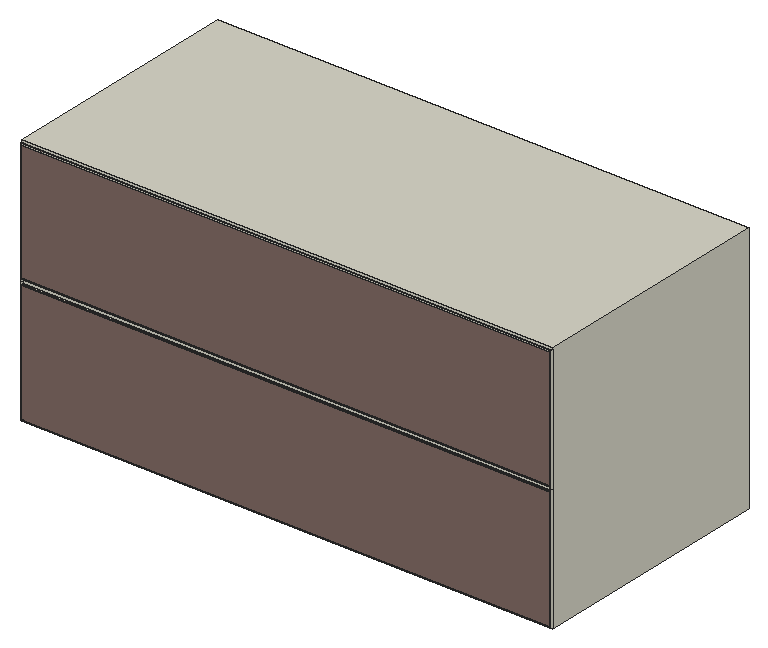
Revit family "vanity unit-hansgrohe-54194XXX-Xevolos E Vanity unit Sand Matt Beige 1180_550 with 2 drawers for consoles with countertop basin ground", category Furniture, Revit 2019
Family settings
  OmniClass Number = 23.40.00.00
  OmniClass Title = Equipment and Furnishings
  Work Plane-Based = No
  Always vertical = Yes
  Cut with Voids When Loaded = No
  Shared = Yes
  Room Calculation Point = No
Parameters (values of type "54194730-SAND_MATT_BEIGE-DARK_OAK-200")
  etim7_EC011381 = "EC011381"
  WEIGHT = "58.6"
  UNSPSC = "56 | Furniture and Furnishings"
  UNIFORMATII = "E2010 | Fixed Furnishings"
  UNICLASS_2015_CODE = "40_30_78_05"
  UNICLASS2015 = "Pr_40_30_78_05 | Bathroom furniture"
  SURFACE = "DARK_OAK"
  REGION = "Worldwide"
  PRODUCTURL = "https://pro.hansgrohe.com/articledetail--54194790"
  PERMALINK = "54194XXX"
  OMNICLASS = "23-21 19 15 33 13 | Residential Bathroom Specialty Casework"
  OBJECTTYPE = "Object (single object)"
  OBERFLAECHE = "SAND_MATT_BEIGE"
  NN = "Vanity unit with 2 drawers for consoles with countertop basin ground"
  NBSYN = "$ARTNR.-$OBERFLAECHE.-$SURFACE.-$LODLEVEL."
  NB = "54194730-SAND_MATT_BEIGE-DARK_OAK-200"
  NAME = "Xevolos E Vanity unit Sand Matt Beige 1180/550 with 2 drawers for consoles with countertop basin ground"
  Model = "54194730-SAND_MATT_BEIGE-DARK_OAK-200"
  Manufacturer = "Hansgrohe"
  MIdent = "{$CADENAS_DATA/23d-libs/hansgrohe/xevolos_furniture/e_vanity_unit_2_drawers_console_countertop_basin/vanity_unit_2drawers_consoles_countertop_basin.prj},285 {VTYP=3D},{NB=54194730-SAND_MATT_BEIGE-DARK_OAK-200},{LINA=54194730-SAND_MATT_BEIGE-DARK_OAK-200},{NN=Vanity unit with 2 drawers for consoles with countertop basin ground},{DATE=13.03.2023 11:45:48},{GEOMDATE=12.03.2023 06:32:00},{VERSION=},{LINEID=720},{WBVAR=LODLEVEL},{WBNUMERIC=}  {NB=54194730-SAND_MATT_BEIGE-DARK_OAK-200},{LINA=54194730-SAND_MATT_BEIGE-DARK_OAK-200},{KT=DUMMY},{IDNR=23},{ARTNR=54194730},{BASENUMBER=54194},{MODEL=54194XXX},{OBERFLAECHE=SAND_MATT_BEIGE},{SURFACE=DARK_OAK},{L=1180},{LODLEVEL=200},{LODLEVELX='400','400','200','200'},{NAME=Xevolos E Vanity unit Sand Matt Beige 1180/550 with 2 drawers for consoles with countertop basin ground},{PERMALINK=54194XXX},{OBJECTTYPE=Object (single object)},{BIMOBJECT=Sanitary: Compound units},{COLLECTIONSET=Xevolos E},{COLLECTION=vanity unit},{WEIGHT=58.6},{DESCRIPTION=Xevolos E Vanity unit Sand Matt Beige 1180/550 with 2 drawers for consoles with countertop basin ground},{PRODUCTURL=https://pro.hansgrohe.com/articledetail--54194790},{GTINCODE=0},{TENDERURL=0},{IFC=Furnishing element},{ETIM=EC011381 | Bathroom furniture set},{UNICLASS2015=Pr_40_30_78_05 | Bathroom furniture},{OMNICLASS=23-21 19 15 33 13 | Residential Bathroom Specialty Casework},{MASTERFORMAT=12 35 30.23 | Bathroom Casework},{UNSPSC=56 | Furniture and Furnishings},{UNIFORMATII=E2010 | Fixed Furnishings},{REGION=Worldwide},{DESIGN=Germany},{MANUFACTURER=Germany}"
  MASTERFORMAT = "12 35 30.23 | Bathroom Casework"
  LODLEVEL = "200"
  LINA = "54194730-SAND_MATT_BEIGE-DARK_OAK-200"
  L = 1180
  IFC = "Furnishing element"
  IDNR = 23
  ETIM = "EC011381 | Bathroom furniture set"
  DESIGN = "Germany"
  COLLECTIONSET = "Xevolos E"
  COLLECTION = "vanity unit"
  CATALOG = "Hansgrohe"
  BIMOBJECT = "Sanitary: Compound units"
  BASENUMBER = "54194"
  ARTNR = "54194730"
  54194790-SAND_MATT_BEIGE-METALLIC_SAND_BEIGE-400_RX0RY0RZ0TX0TY0TZ0_V = no
  54194790-SAND_MATT_BEIGE-METALLIC_SAND_BEIGE-200_RX0RY0RZ0TX0TY0TZ0_V = no
  54194730-SAND_MATT_BEIGE-DARK_OAK-400_RX0RY0RZ0TX0TY0TZ0_V = no
  54194730-SAND_MATT_BEIGE-DARK_OAK-200_RX0RY0RZ0TX0TY0TZ0_V = yes
  54194390-SAND_MATT_BEIGE-PATTEREND_BRONZE-400_RX0RY0RZ0TX0TY0TZ0_V = no
  54194390-SAND_MATT_BEIGE-PATTEREND_BRONZE-200_RX0RY0RZ0TX0TY0TZ0_V = no
Types (6, lengths in mm): name | SURFACE | NB | Model | MIdent | LODLEVEL | LINA | IDNR | ARTNR | 54194790-SAND_MATT_BEIGE-METALLIC_SAND_BEIGE-400_RX0RY0RZ0TX0TY0TZ0_V | 54194790-SAND_MATT_BEIGE-METALLIC_SAND_BEIGE-200_RX0RY0RZ0TX0TY0TZ0_V | 54194730-SAND_MATT_BEIGE-DARK_OAK-400_RX0RY0RZ0TX0TY0TZ0_V | 54194730-SAND_MATT_BEIGE-DARK_OAK-200_RX0RY0RZ0TX0TY0TZ0_V | 54194390-SAND_MATT_BEIGE-PATTEREND_BRONZE-400_RX0RY0RZ0TX0TY0TZ0_V | 54194390-SAND_MATT_BEIGE-PATTEREND_BRONZE-200_RX0RY0RZ0TX0TY0TZ0_V
  54194390-SAND_MATT_BEIGE-PATTEREND_BRONZE-200 | "PATTEREND_BRONZE" | "54194390-SAND_MATT_BEIGE-PATTEREND_BRONZE-200" | "54194390-SAND_MATT_BEIGE-PATTEREND_BRONZE-200" | "{$CADENAS_DATA/23d-libs/hansgrohe/xevolos_furniture/e_vanity_unit_2_drawers_console_countertop_basin/vanity_unit_2drawers_consoles_countertop_basin.prj},301 {VTYP=3D},{NB=54194390-SAND_MATT_BEIGE-PATTEREND_BRONZE-200},{LINA=54194390-SAND_MATT_BEIGE-PATTEREND_BRONZE-200},{NN=Vanity unit with 2 drawers for consoles with countertop basin ground},{DATE=13.03.2023 11:45:48},{GEOMDATE=12.03.2023 06:32:00},{VERSION=},{LINEID=710},{WBVAR=LODLEVEL},{WBNUMERIC=}  {NB=54194390-SAND_MATT_BEIGE-PATTEREND_BRONZE-200},{LINA=54194390-SAND_MATT_BEIGE-PATTEREND_BRONZE-200},{KT=DUMMY},{IDNR=22},{ARTNR=54194390},{BASENUMBER=54194},{MODEL=54194XXX},{OBERFLAECHE=SAND_MATT_BEIGE},{SURFACE=PATTEREND_BRONZE},{L=1180},{LODLEVEL=200},{LODLEVELX='400','400','200','200'},{NAME=Xevolos E Vanity unit Sand Matt Beige 1180/550 with 2 drawers for consoles with countertop basin ground},{PERMALINK=54194XXX},{OBJECTTYPE=Object (single object)},{BIMOBJECT=Sanitary: Compound units},{COLLECTIONSET=Xevolos E},{COLLECTION=vanity unit},{WEIGHT=58.6},{DESCRIPTION=Xevolos E Vanity unit Sand Matt Beige 1180/550 with 2 drawers for consoles with countertop basin ground},{PRODUCTURL=https://pro.hansgrohe.com/articledetail--54194790},{GTINCODE=0},{TENDERURL=0},{IFC=Furnishing element},{ETIM=EC011381 | Bathroom furniture set},{UNICLASS2015=Pr_40_30_78_05 | Bathroom furniture},{OMNICLASS=23-21 19 15 33 13 | Residential Bathroom Specialty Casework},{MASTERFORMAT=12 35 30.23 | Bathroom Casework},{UNSPSC=56 | Furniture and Furnishings},{UNIFORMATII=E2010 | Fixed Furnishings},{REGION=Worldwide},{DESIGN=Germany},{MANUFACTURER=Germany}" | "200" | "54194390-SAND_MATT_BEIGE-PATTEREND_BRONZE-200" | 22 | "54194390" | no | no | no | no | no | yes
  54194390-SAND_MATT_BEIGE-PATTEREND_BRONZE-400 | "PATTEREND_BRONZE" | "54194390-SAND_MATT_BEIGE-PATTEREND_BRONZE-400" | "54194390-SAND_MATT_BEIGE-PATTEREND_BRONZE-400" | "{$CADENAS_DATA/23d-libs/hansgrohe/xevolos_furniture/e_vanity_unit_2_drawers_console_countertop_basin/vanity_unit_2drawers_consoles_countertop_basin.prj},301 {VTYP=3D},{NB=54194390-SAND_MATT_BEIGE-PATTEREND_BRONZE-400},{LINA=54194390-SAND_MATT_BEIGE-PATTEREND_BRONZE-400},{NN=Vanity unit with 2 drawers for consoles with countertop basin ground},{DATE=13.03.2023 11:45:48},{GEOMDATE=12.03.2023 06:32:00},{VERSION=},{LINEID=710},{WBVAR=LODLEVEL},{WBNUMERIC=}  {NB=54194390-SAND_MATT_BEIGE-PATTEREND_BRONZE-400},{LINA=54194390-SAND_MATT_BEIGE-PATTEREND_BRONZE-400},{KT=DUMMY},{IDNR=22},{ARTNR=54194390},{BASENUMBER=54194},{MODEL=54194XXX},{OBERFLAECHE=SAND_MATT_BEIGE},{SURFACE=PATTEREND_BRONZE},{L=1180},{LODLEVEL=400},{LODLEVELX='400','400','200','200'},{NAME=Xevolos E Vanity unit Sand Matt Beige 1180/550 with 2 drawers for consoles with countertop basin ground},{PERMALINK=54194XXX},{OBJECTTYPE=Object (single object)},{BIMOBJECT=Sanitary: Compound units},{COLLECTIONSET=Xevolos E},{COLLECTION=vanity unit},{WEIGHT=58.6},{DESCRIPTION=Xevolos E Vanity unit Sand Matt Beige 1180/550 with 2 drawers for consoles with countertop basin ground},{PRODUCTURL=https://pro.hansgrohe.com/articledetail--54194790},{GTINCODE=0},{TENDERURL=0},{IFC=Furnishing element},{ETIM=EC011381 | Bathroom furniture set},{UNICLASS2015=Pr_40_30_78_05 | Bathroom furniture},{OMNICLASS=23-21 19 15 33 13 | Residential Bathroom Specialty Casework},{MASTERFORMAT=12 35 30.23 | Bathroom Casework},{UNSPSC=56 | Furniture and Furnishings},{UNIFORMATII=E2010 | Fixed Furnishings},{REGION=Worldwide},{DESIGN=Germany},{MANUFACTURER=Germany}" | "400" | "54194390-SAND_MATT_BEIGE-PATTEREND_BRONZE-400" | 22 | "54194390" | no | no | no | no | yes | no
  54194730-SAND_MATT_BEIGE-DARK_OAK-200 | "DARK_OAK" | "54194730-SAND_MATT_BEIGE-DARK_OAK-200" | "54194730-SAND_MATT_BEIGE-DARK_OAK-200" | "{$CADENAS_DATA/23d-libs/hansgrohe/xevolos_furniture/e_vanity_unit_2_drawers_console_countertop_basin/vanity_unit_2drawers_consoles_countertop_basin.prj},285 {VTYP=3D},{NB=54194730-SAND_MATT_BEIGE-DARK_OAK-200},{LINA=54194730-SAND_MATT_BEIGE-DARK_OAK-200},{NN=Vanity unit with 2 drawers for consoles with countertop basin ground},{DATE=13.03.2023 11:45:48},{GEOMDATE=12.03.2023 06:32:00},{VERSION=},{LINEID=720},{WBVAR=LODLEVEL},{WBNUMERIC=}  {NB=54194730-SAND_MATT_BEIGE-DARK_OAK-200},{LINA=54194730-SAND_MATT_BEIGE-DARK_OAK-200},{KT=DUMMY},{IDNR=23},{ARTNR=54194730},{BASENUMBER=54194},{MODEL=54194XXX},{OBERFLAECHE=SAND_MATT_BEIGE},{SURFACE=DARK_OAK},{L=1180},{LODLEVEL=200},{LODLEVELX='400','400','200','200'},{NAME=Xevolos E Vanity unit Sand Matt Beige 1180/550 with 2 drawers for consoles with countertop basin ground},{PERMALINK=54194XXX},{OBJECTTYPE=Object (single object)},{BIMOBJECT=Sanitary: Compound units},{COLLECTIONSET=Xevolos E},{COLLECTION=vanity unit},{WEIGHT=58.6},{DESCRIPTION=Xevolos E Vanity unit Sand Matt Beige 1180/550 with 2 drawers for consoles with countertop basin ground},{PRODUCTURL=https://pro.hansgrohe.com/articledetail--54194790},{GTINCODE=0},{TENDERURL=0},{IFC=Furnishing element},{ETIM=EC011381 | Bathroom furniture set},{UNICLASS2015=Pr_40_30_78_05 | Bathroom furniture},{OMNICLASS=23-21 19 15 33 13 | Residential Bathroom Specialty Casework},{MASTERFORMAT=12 35 30.23 | Bathroom Casework},{UNSPSC=56 | Furniture and Furnishings},{UNIFORMATII=E2010 | Fixed Furnishings},{REGION=Worldwide},{DESIGN=Germany},{MANUFACTURER=Germany}" | "200" | "54194730-SAND_MATT_BEIGE-DARK_OAK-200" | 23 | "54194730" | no | no | no | yes | no | no
  54194730-SAND_MATT_BEIGE-DARK_OAK-400 | "DARK_OAK" | "54194730-SAND_MATT_BEIGE-DARK_OAK-400" | "54194730-SAND_MATT_BEIGE-DARK_OAK-400" | "{$CADENAS_DATA/23d-libs/hansgrohe/xevolos_furniture/e_vanity_unit_2_drawers_console_countertop_basin/vanity_unit_2drawers_consoles_countertop_basin.prj},285 {VTYP=3D},{NB=54194730-SAND_MATT_BEIGE-DARK_OAK-400},{LINA=54194730-SAND_MATT_BEIGE-DARK_OAK-400},{NN=Vanity unit with 2 drawers for consoles with countertop basin ground},{DATE=13.03.2023 11:45:48},{GEOMDATE=12.03.2023 06:32:00},{VERSION=},{LINEID=720},{WBVAR=LODLEVEL},{WBNUMERIC=}  {NB=54194730-SAND_MATT_BEIGE-DARK_OAK-400},{LINA=54194730-SAND_MATT_BEIGE-DARK_OAK-400},{KT=DUMMY},{IDNR=23},{ARTNR=54194730},{BASENUMBER=54194},{MODEL=54194XXX},{OBERFLAECHE=SAND_MATT_BEIGE},{SURFACE=DARK_OAK},{L=1180},{LODLEVEL=400},{LODLEVELX='400','400','200','200'},{NAME=Xevolos E Vanity unit Sand Matt Beige 1180/550 with 2 drawers for consoles with countertop basin ground},{PERMALINK=54194XXX},{OBJECTTYPE=Object (single object)},{BIMOBJECT=Sanitary: Compound units},{COLLECTIONSET=Xevolos E},{COLLECTION=vanity unit},{WEIGHT=58.6},{DESCRIPTION=Xevolos E Vanity unit Sand Matt Beige 1180/550 with 2 drawers for consoles with countertop basin ground},{PRODUCTURL=https://pro.hansgrohe.com/articledetail--54194790},{GTINCODE=0},{TENDERURL=0},{IFC=Furnishing element},{ETIM=EC011381 | Bathroom furniture set},{UNICLASS2015=Pr_40_30_78_05 | Bathroom furniture},{OMNICLASS=23-21 19 15 33 13 | Residential Bathroom Specialty Casework},{MASTERFORMAT=12 35 30.23 | Bathroom Casework},{UNSPSC=56 | Furniture and Furnishings},{UNIFORMATII=E2010 | Fixed Furnishings},{REGION=Worldwide},{DESIGN=Germany},{MANUFACTURER=Germany}" | "400" | "54194730-SAND_MATT_BEIGE-DARK_OAK-400" | 23 | "54194730" | no | no | yes | no | no | no
  54194790-SAND_MATT_BEIGE-METALLIC_SAND_BEIGE-200 | "METALLIC_SAND_BEIGE" | "54194790-SAND_MATT_BEIGE-METALLIC_SAND_BEIGE-200" | "54194790-SAND_MATT_BEIGE-METALLIC_SAND_BEIGE-200" | "{$CADENAS_DATA/23d-libs/hansgrohe/xevolos_furniture/e_vanity_unit_2_drawers_console_countertop_basin/vanity_unit_2drawers_consoles_countertop_basin.prj},307 {VTYP=3D},{NB=54194790-SAND_MATT_BEIGE-METALLIC_SAND_BEIGE-200},{LINA=54194790-SAND_MATT_BEIGE-METALLIC_SAND_BEIGE-200},{NN=Vanity unit with 2 drawers for consoles with countertop basin ground},{DATE=13.03.2023 11:45:48},{GEOMDATE=12.03.2023 06:32:00},{VERSION=},{LINEID=730},{WBVAR=LODLEVEL},{WBNUMERIC=}  {NB=54194790-SAND_MATT_BEIGE-METALLIC_SAND_BEIGE-200},{LINA=54194790-SAND_MATT_BEIGE-METALLIC_SAND_BEIGE-200},{KT=DUMMY},{IDNR=24},{ARTNR=54194790},{BASENUMBER=54194},{MODEL=54194XXX},{OBERFLAECHE=SAND_MATT_BEIGE},{SURFACE=METALLIC_SAND_BEIGE},{L=1180},{LODLEVEL=200},{LODLEVELX='400','400','200','200'},{NAME=Xevolos E Vanity unit Sand Matt Beige 1180/550 with 2 drawers for consoles with countertop basin ground},{PERMALINK=54194XXX},{OBJECTTYPE=Object (single object)},{BIMOBJECT=Sanitary: Compound units},{COLLECTIONSET=Xevolos E},{COLLECTION=vanity unit},{WEIGHT=58.6},{DESCRIPTION=Xevolos E Vanity unit Sand Matt Beige 1180/550 with 2 drawers for consoles with countertop basin ground},{PRODUCTURL=https://pro.hansgrohe.com/articledetail--54194790},{GTINCODE=0},{TENDERURL=0},{IFC=Furnishing element},{ETIM=EC011381 | Bathroom furniture set},{UNICLASS2015=Pr_40_30_78_05 | Bathroom furniture},{OMNICLASS=23-21 19 15 33 13 | Residential Bathroom Specialty Casework},{MASTERFORMAT=12 35 30.23 | Bathroom Casework},{UNSPSC=56 | Furniture and Furnishings},{UNIFORMATII=E2010 | Fixed Furnishings},{REGION=Worldwide},{DESIGN=Germany},{MANUFACTURER=Germany}" | "200" | "54194790-SAND_MATT_BEIGE-METALLIC_SAND_BEIGE-200" | 24 | "54194790" | no | yes | no | no | no | no
  54194790-SAND_MATT_BEIGE-METALLIC_SAND_BEIGE-400 | "METALLIC_SAND_BEIGE" | "54194790-SAND_MATT_BEIGE-METALLIC_SAND_BEIGE-400" | "54194790-SAND_MATT_BEIGE-METALLIC_SAND_BEIGE-400" | "{$CADENAS_DATA/23d-libs/hansgrohe/xevolos_furniture/e_vanity_unit_2_drawers_console_countertop_basin/vanity_unit_2drawers_consoles_countertop_basin.prj},307 {VTYP=3D},{NB=54194790-SAND_MATT_BEIGE-METALLIC_SAND_BEIGE-400},{LINA=54194790-SAND_MATT_BEIGE-METALLIC_SAND_BEIGE-400},{NN=Vanity unit with 2 drawers for consoles with countertop basin ground},{DATE=13.03.2023 11:45:48},{GEOMDATE=12.03.2023 06:32:00},{VERSION=},{LINEID=730},{WBVAR=LODLEVEL},{WBNUMERIC=}  {NB=54194790-SAND_MATT_BEIGE-METALLIC_SAND_BEIGE-400},{LINA=54194790-SAND_MATT_BEIGE-METALLIC_SAND_BEIGE-400},{KT=DUMMY},{IDNR=24},{ARTNR=54194790},{BASENUMBER=54194},{MODEL=54194XXX},{OBERFLAECHE=SAND_MATT_BEIGE},{SURFACE=METALLIC_SAND_BEIGE},{L=1180},{LODLEVEL=400},{LODLEVELX='400','400','200','200'},{NAME=Xevolos E Vanity unit Sand Matt Beige 1180/550 with 2 drawers for consoles with countertop basin ground},{PERMALINK=54194XXX},{OBJECTTYPE=Object (single object)},{BIMOBJECT=Sanitary: Compound units},{COLLECTIONSET=Xevolos E},{COLLECTION=vanity unit},{WEIGHT=58.6},{DESCRIPTION=Xevolos E Vanity unit Sand Matt Beige 1180/550 with 2 drawers for consoles with countertop basin ground},{PRODUCTURL=https://pro.hansgrohe.com/articledetail--54194790},{GTINCODE=0},{TENDERURL=0},{IFC=Furnishing element},{ETIM=EC011381 | Bathroom furniture set},{UNICLASS2015=Pr_40_30_78_05 | Bathroom furniture},{OMNICLASS=23-21 19 15 33 13 | Residential Bathroom Specialty Casework},{MASTERFORMAT=12 35 30.23 | Bathroom Casework},{UNSPSC=56 | Furniture and Furnishings},{UNIFORMATII=E2010 | Fixed Furnishings},{REGION=Worldwide},{DESIGN=Germany},{MANUFACTURER=Germany}" | "400" | "54194790-SAND_MATT_BEIGE-METALLIC_SAND_BEIGE-400" | 24 | "54194790" | yes | no | no | no | no | no
Reference planes
  plane 1 "Center (Front/Back)": y = 0
  plane 2: z = 0
  plane 3 "Center (Left/Right)": x = 0
Dimensions and locks
  aligned and locked: level to plane 2
Nested families
  nested 1: "54194390-sand_matt_beige-patterend_bronze-200_content" at (0, 0, 0), visible <- "54194390-SAND_MATT_BEIGE-PATTEREND_BRONZE-200_RX0RY0RZ0TX0TY0TZ0_V", ContentVisible <- "54194390-SAND_MATT_BEIGE-PATTEREND_BRONZE-200_RX0RY0RZ0TX0TY0TZ0_V", type "54194390-SAND_MATT_BEIGE-PATTEREND_BRONZE-200_Content"
    with ContentVisible no
  nested 2: "54194390-sand_matt_beige-patterend_bronze-400_content" at (0, 0, 0), visible <- "54194390-SAND_MATT_BEIGE-PATTEREND_BRONZE-400_RX0RY0RZ0TX0TY0TZ0_V", ContentVisible <- "54194390-SAND_MATT_BEIGE-PATTEREND_BRONZE-400_RX0RY0RZ0TX0TY0TZ0_V", type "54194390-SAND_MATT_BEIGE-PATTEREND_BRONZE-400_Content"
    with ContentVisible no
  nested 3: "54194730-sand_matt_beige-dark_oak-200_content" at (0, 0, 0), visible <- "54194730-SAND_MATT_BEIGE-DARK_OAK-200_RX0RY0RZ0TX0TY0TZ0_V", ContentVisible <- "54194730-SAND_MATT_BEIGE-DARK_OAK-200_RX0RY0RZ0TX0TY0TZ0_V", type "54194730-SAND_MATT_BEIGE-DARK_OAK-200_Content"
    with ContentVisible yes
  nested 4: "54194730-sand_matt_beige-dark_oak-400_content" at (0, 0, 0), visible <- "54194730-SAND_MATT_BEIGE-DARK_OAK-400_RX0RY0RZ0TX0TY0TZ0_V", ContentVisible <- "54194730-SAND_MATT_BEIGE-DARK_OAK-400_RX0RY0RZ0TX0TY0TZ0_V", type "54194730-SAND_MATT_BEIGE-DARK_OAK-400_Content"
    with ContentVisible no
  nested 5: "54194790-sand_matt_beige-metallic_sand_beige-200_content" at (0, 0, 0), visible <- "54194790-SAND_MATT_BEIGE-METALLIC_SAND_BEIGE-200_RX0RY0RZ0TX0TY0TZ0_V", ContentVisible <- "54194790-SAND_MATT_BEIGE-METALLIC_SAND_BEIGE-200_RX0RY0RZ0TX0TY0TZ0_V", type "54194790-SAND_MATT_BEIGE-METALLIC_SAND_BEIGE-200_Content"
    with ContentVisible no
  nested 6: "54194790-sand_matt_beige-metallic_sand_beige-400_content" at (0, 0, 0), visible <- "54194790-SAND_MATT_BEIGE-METALLIC_SAND_BEIGE-400_RX0RY0RZ0TX0TY0TZ0_V", ContentVisible <- "54194790-SAND_MATT_BEIGE-METALLIC_SAND_BEIGE-400_RX0RY0RZ0TX0TY0TZ0_V", type "54194790-SAND_MATT_BEIGE-METALLIC_SAND_BEIGE-400_Content"
    with ContentVisible no
Definition of nested family "54194730-sand_matt_beige-dark_oak-200_content"
  Parameters (values of type "54194730-SAND_MATT_BEIGE-DARK_OAK-200_Content")
    etim7_EC011381 = "EC011381"
    WEIGHT = "58.6"
    UNSPSC = "56 | Furniture and Furnishings"
    UNIFORMATII = "E2010 | Fixed Furnishings"
    UNICLASS_2015_CODE = "40_30_78_05"
    UNICLASS2015 = "Pr_40_30_78_05 | Bathroom furniture"
    SURFACE = "DARK_OAK"
    REGION = "Worldwide"
    PRODUCTURL = "https://pro.hansgrohe.com/articledetail--54194790"
    PERMALINK = "54194XXX"
    OMNICLASS = "23-21 19 15 33 13 | Residential Bathroom Specialty Casework"
    OBJECTTYPE = "Object (single object)"
    OBERFLAECHE = "SAND_MATT_BEIGE"
    NN = "Vanity unit with 2 drawers for consoles with countertop basin ground"
    NBSYN = "$ARTNR.-$OBERFLAECHE.-$SURFACE.-$LODLEVEL."
    NB = "54194730-SAND_MATT_BEIGE-DARK_OAK-200"
    NAME = "Xevolos E Vanity unit Sand Matt Beige 1180/550 with 2 drawers for consoles with countertop basin ground"
    Model = "54194730-SAND_MATT_BEIGE-DARK_OAK-200"
    Manufacturer = "Hansgrohe"
    MASTERFORMAT = "12 35 30.23 | Bathroom Casework"
    LODLEVEL = "200"
    LINA = "54194730-SAND_MATT_BEIGE-DARK_OAK-200"
    L = 1180
    IFC = "Furnishing element"
    IDNR = 23
    ETIM = "EC011381 | Bathroom furniture set"
    Default Elevation = 1219.2 mm
    DESIGN = "Germany"
    ContentVisible [instance] = yes
    COLLECTIONSET = "Xevolos E"
    COLLECTION = "vanity unit"
    CATALOG = "Hansgrohe"
    BIMOBJECT = "Sanitary: Compound units"
    BASENUMBER = "54194"
    ARTNR = "54194730"
  Reference planes
    plane 1 "Center (Front/Back)": y = 0
    plane 2: z = 0
    plane 3 "Center (Left/Right)": x = 0
  Forms (mm)
    Extrusion 1, solid, visible <- "ContentVisible", detail levels medium+fine
      sketch origin (0, 0, 0) x (1, 0, 0) y (0, 1, 0)
        loop
          line (-590, 0) -> (-590, -544.3) -> (590, -544.3) -> (590, 0) -> (-590, 0)
      from 0 to 558
    Extrusion 2, solid, visible <- "ContentVisible", detail levels medium+fine
      sketch origin (0, -544.3, 0) x (1, 0, 0) y (0, 0, -1)
        loop
          line (-590, -278) -> (-588, -278) -> (-588, -4) -> (588, -4) -> (588, -278) -> (590, -278) -> (590, -2) -> (-590, -2) -> (-590, -278)
      from -4 to 0
    Extrusion 3, solid, visible <- "ContentVisible", detail levels medium+fine
      sketch origin (0, -544.3, 0) x (1, 0, 0) y (0, 0, -1)
        loop
          line (-590, -278) -> (-590, -554) -> (590, -554) -> (590, -278) -> (588, -278) -> (588, -552) -> (-588, -552) -> (-588, -278) -> (-590, -278)
      from -4 to 0
    Extrusion 4, solid, visible <- "ContentVisible", detail levels medium+fine
      sketch origin (0, -544.3, 0) x (1, 0, 0) y (0, 0, -1)
        loop
          line (-588, -272.5) -> (588, -272.5) -> (588, -4) -> (-588, -4) -> (-588, -272.5)
      from -4 to 0
    Extrusion 5, solid, visible <- "ContentVisible", detail levels medium+fine
      sketch origin (0, -544.3, 0) x (1, 0, 0) y (0, 0, -1)
        loop
          line (-588, -554) -> (588, -554) -> (588, -285.5) -> (-588, -285.5) -> (-588, -554)
      from -4 to 0
    Extrusion 6, solid, visible <- "ContentVisible", detail levels medium+fine
      sketch origin (0, 0, 272.5) x (1, 0, 0) y (0, 1, 0)
        loop
          line (-588, -527) -> (-588, -548.3) -> (588, -548.3) -> (588, -527) -> (-588, -527)
      from 0 to 2
    Extrusion 7, solid, visible <- "ContentVisible", detail levels medium+fine
      sketch origin (0, 0, 285.5) x (1, 0, 0) y (0, 1, 0)
        loop
          line (-588, -527) -> (-588, -548.3) -> (588, -548.3) -> (588, -527) -> (-588, -527)
      from -2 to 0
    Extrusion 8, solid, visible <- "ContentVisible", detail levels coarse
      sketch origin (0, -274.15, 0) x (1, 0, 0) y (0, 1, 0)
        loop
          line (-590, -274.15) -> (590, -274.15) -> (590, 274.15) -> (-590, 274.15) -> (-590, -274.15)
      from 0 to 558
  Dimensions and locks
    aligned and locked: level to plane 2
Definition of nested family "54194390-sand_matt_beige-patterend_bronze-200_content"
  Parameters (values of type "54194390-SAND_MATT_BEIGE-PATTEREND_BRONZE-200_Content")
    etim7_EC011381 = "EC011381"
    WEIGHT = "58.6"
    UNSPSC = "56 | Furniture and Furnishings"
    UNIFORMATII = "E2010 | Fixed Furnishings"
    UNICLASS_2015_CODE = "40_30_78_05"
    UNICLASS2015 = "Pr_40_30_78_05 | Bathroom furniture"
    SURFACE = "PATTEREND_BRONZE"
    REGION = "Worldwide"
    PRODUCTURL = "https://pro.hansgrohe.com/articledetail--54194790"
    PERMALINK = "54194XXX"
    OMNICLASS = "23-21 19 15 33 13 | Residential Bathroom Specialty Casework"
    OBJECTTYPE = "Object (single object)"
    OBERFLAECHE = "SAND_MATT_BEIGE"
    NN = "Vanity unit with 2 drawers for consoles with countertop basin ground"
    NBSYN = "$ARTNR.-$OBERFLAECHE.-$SURFACE.-$LODLEVEL."
    NB = "54194390-SAND_MATT_BEIGE-PATTEREND_BRONZE-200"
    NAME = "Xevolos E Vanity unit Sand Matt Beige 1180/550 with 2 drawers for consoles with countertop basin ground"
    Model = "54194390-SAND_MATT_BEIGE-PATTEREND_BRONZE-200"
    Manufacturer = "Hansgrohe"
    MASTERFORMAT = "12 35 30.23 | Bathroom Casework"
    LODLEVEL = "200"
    LINA = "54194390-SAND_MATT_BEIGE-PATTEREND_BRONZE-200"
    L = 1180
    IFC = "Furnishing element"
    IDNR = 22
    ETIM = "EC011381 | Bathroom furniture set"
    Default Elevation = 1219.2 mm
    DESIGN = "Germany"
    ContentVisible [instance] = yes
    COLLECTIONSET = "Xevolos E"
    COLLECTION = "vanity unit"
    CATALOG = "Hansgrohe"
    BIMOBJECT = "Sanitary: Compound units"
    BASENUMBER = "54194"
    ARTNR = "54194390"
  Reference planes
    plane 1 "Center (Front/Back)": y = 0
    plane 2: z = 0
    plane 3 "Center (Left/Right)": x = 0
  Forms (mm)
    Extrusion 1, solid, visible <- "ContentVisible", detail levels medium+fine
      sketch origin (0, 0, 0) x (1, 0, 0) y (0, 1, 0)
        loop
          line (-590, 0) -> (-590, -544.3) -> (590, -544.3) -> (590, 0) -> (-590, 0)
      from 0 to 558
    Extrusion 2, solid, visible <- "ContentVisible", detail levels medium+fine
      sketch origin (0, -544.3, 0) x (1, 0, 0) y (0, 0, -1)
        loop
          line (-590, -278) -> (-588, -278) -> (-588, -4) -> (588, -4) -> (588, -278) -> (590, -278) -> (590, -2) -> (-590, -2) -> (-590, -278)
      from -4 to 0
    Extrusion 3, solid, visible <- "ContentVisible", detail levels medium+fine
      sketch origin (0, -544.3, 0) x (1, 0, 0) y (0, 0, -1)
        loop
          line (-590, -278) -> (-590, -554) -> (590, -554) -> (590, -278) -> (588, -278) -> (588, -552) -> (-588, -552) -> (-588, -278) -> (-590, -278)
      from -4 to 0
    Extrusion 4, solid, visible <- "ContentVisible", detail levels medium+fine
      sketch origin (0, -544.3, 0) x (1, 0, 0) y (0, 0, -1)
        loop
          line (-588, -272.5) -> (588, -272.5) -> (588, -4) -> (-588, -4) -> (-588, -272.5)
      from -4 to 0
    Extrusion 5, solid, visible <- "ContentVisible", detail levels medium+fine
      sketch origin (0, -544.3, 0) x (1, 0, 0) y (0, 0, -1)
        loop
          line (-588, -554) -> (588, -554) -> (588, -285.5) -> (-588, -285.5) -> (-588, -554)
      from -4 to 0
    Extrusion 6, solid, visible <- "ContentVisible", detail levels medium+fine
      sketch origin (0, 0, 272.5) x (1, 0, 0) y (0, 1, 0)
        loop
          line (-588, -527) -> (-588, -548.3) -> (588, -548.3) -> (588, -527) -> (-588, -527)
      from 0 to 2
    Extrusion 7, solid, visible <- "ContentVisible", detail levels medium+fine
      sketch origin (0, 0, 285.5) x (1, 0, 0) y (0, 1, 0)
        loop
          line (-588, -527) -> (-588, -548.3) -> (588, -548.3) -> (588, -527) -> (-588, -527)
      from -2 to 0
    Extrusion 8, solid, visible <- "ContentVisible", detail levels coarse
      sketch origin (0, -274.15, 0) x (1, 0, 0) y (0, 1, 0)
        loop
          line (-590, -274.15) -> (590, -274.15) -> (590, 274.15) -> (-590, 274.15) -> (-590, -274.15)
      from 0 to 558
  Dimensions and locks
    aligned and locked: level to plane 2
Definition of nested family "54194390-sand_matt_beige-patterend_bronze-400_content"
  Parameters (values of type "54194390-SAND_MATT_BEIGE-PATTEREND_BRONZE-400_Content")
    etim7_EC011381 = "EC011381"
    WEIGHT = "58.6"
    UNSPSC = "56 | Furniture and Furnishings"
    UNIFORMATII = "E2010 | Fixed Furnishings"
    UNICLASS_2015_CODE = "40_30_78_05"
    UNICLASS2015 = "Pr_40_30_78_05 | Bathroom furniture"
    SURFACE = "PATTEREND_BRONZE"
    REGION = "Worldwide"
    PRODUCTURL = "https://pro.hansgrohe.com/articledetail--54194790"
    PERMALINK = "54194XXX"
    OMNICLASS = "23-21 19 15 33 13 | Residential Bathroom Specialty Casework"
    OBJECTTYPE = "Object (single object)"
    OBERFLAECHE = "SAND_MATT_BEIGE"
    NN = "Vanity unit with 2 drawers for consoles with countertop basin ground"
    NBSYN = "$ARTNR.-$OBERFLAECHE.-$SURFACE.-$LODLEVEL."
    NB = "54194390-SAND_MATT_BEIGE-PATTEREND_BRONZE-400"
    NAME = "Xevolos E Vanity unit Sand Matt Beige 1180/550 with 2 drawers for consoles with countertop basin ground"
    Model = "54194390-SAND_MATT_BEIGE-PATTEREND_BRONZE-400"
    Manufacturer = "Hansgrohe"
    MASTERFORMAT = "12 35 30.23 | Bathroom Casework"
    LODLEVEL = "400"
    LINA = "54194390-SAND_MATT_BEIGE-PATTEREND_BRONZE-400"
    L = 1180
    IFC = "Furnishing element"
    IDNR = 22
    ETIM = "EC011381 | Bathroom furniture set"
    Default Elevation = 1219.2 mm
    DESIGN = "Germany"
    ContentVisible [instance] = yes
    COLLECTIONSET = "Xevolos E"
    COLLECTION = "vanity unit"
    CATALOG = "Hansgrohe"
    BIMOBJECT = "Sanitary: Compound units"
    BASENUMBER = "54194"
    ARTNR = "54194390"
  Reference planes
    plane 1 "Center (Front/Back)": y = 0
    plane 2: z = 0
    plane 3 "Center (Left/Right)": x = 0
  Forms (mm)
    Extrusion 1, solid, visible <- "ContentVisible", detail levels medium+fine
      sketch origin (0, 0, 0) x (1, 0, 0) y (0, 1, 0)
        loop
          line (-590, 0) -> (-590, -548.3) -> (-588, -548.3) -> (-588, -544.3) -> (-574, -544.3) -> (-574, 0) -> (-590, 0)
      from 0 to 558
    Extrusion 2, solid, visible <- "ContentVisible", detail levels medium+fine
      sketch origin (0, 0, 0) x (1, 0, 0) y (0, 1, 0)
        loop
          line (-574, -131.5) -> (-574, -498) -> (574, -498) -> (574, -131.5) -> (-574, -131.5)
      from 0 to 16
    Extrusion 3, solid, visible <- "ContentVisible", detail levels medium+fine
      sketch origin (0, 0, 0) x (1, 0, 0) y (0, 1, 0)
        loop
          line (574, 0) -> (574, -544.3) -> (588, -544.3) -> (588, -548.3) -> (590, -548.3) -> (590, 0) -> (574, 0)
      from 0 to 558
    Extrusion 4, solid, visible <- "ContentVisible", detail levels medium+fine
      sketch origin (0, 0, 0.5) x (1, 0, 0) y (0, 1, 0)
        loop
          line (-574, -115.5) -> (-574, -131.5) -> (574, -131.5) -> (574, -115.5) -> (-574, -115.5)
      from 0 to 126
    Extrusion 5, solid, visible <- "ContentVisible", detail levels medium+fine
      sketch origin (0, 0, 2) x (1, 0, 0) y (0, 1, 0)
        loop
          line (-588, -527) -> (-588, -548.3) -> (588, -548.3) -> (588, -527) -> (-588, -527)
      from 0 to 2
    Extrusion 6, solid, visible <- "ContentVisible", detail levels medium+fine
      sketch origin (0, 0, 556) x (1, 0, 0) y (0, 1, 0)
        loop
          line (-588, -527) -> (-588, -548.3) -> (588, -548.3) -> (588, -527) -> (-588, -527)
      from -2 to 0
    Extrusion 7, solid, visible <- "ContentVisible", detail levels medium+fine
      sketch origin (0, -544.3, 0) x (1, 0, 0) y (0, 0, -1)
        loop
          line (-588, -272.5) -> (588, -272.5) -> (588, -4) -> (-588, -4) -> (-588, -272.5)
      from -4 to 0
    Extrusion 8, solid, visible <- "ContentVisible", detail levels medium+fine
      sketch origin (0, -544.3, 0) x (1, 0, 0) y (0, 0, -1)
        loop
          line (-588, -554) -> (588, -554) -> (588, -285.5) -> (-588, -285.5) -> (-588, -554)
      from -4 to 0
    Extrusion 9, solid, visible <- "ContentVisible", detail levels medium+fine
      sketch origin (0, 0, 272.5) x (1, 0, 0) y (0, 1, 0)
        loop
          line (-588, -527) -> (-588, -548.3) -> (588, -548.3) -> (588, -527) -> (-588, -527)
      from 0 to 2
    Extrusion 10, solid, visible <- "ContentVisible", detail levels medium+fine
      sketch origin (0, 0, 285.5) x (1, 0, 0) y (0, 1, 0)
        loop
          line (-588, -527) -> (-588, -548.3) -> (588, -548.3) -> (588, -527) -> (-588, -527)
      from -2 to 0
    Extrusion 11, solid, visible <- "ContentVisible", detail levels medium+fine
      sketch origin (0, -544.3, 0) x (1, 0, 0) y (0, 0, -1)
        loop
          line (-588, -274.5) -> (588, -274.5) -> (588, -4.5) -> (-588, -4.5) -> (-588, -274.5)
        loop
          line (-514, -78) -> (-514, -272.5) -> (514, -272.5) -> (514, -78) -> (-514, -78)
      from 0 to 17
    Extrusion 12, solid, visible <- "ContentVisible", detail levels medium+fine
      sketch origin (0, -544.3, 0) x (1, 0, 0) y (0, 0, -1)
        loop
          line (-588, -553.5) -> (-512, -553.5) -> (-512, -361.5) -> (512, -361.5) -> (512, -553.5) -> (588, -553.5) -> (588, -285.5) -> (-588, -285.5) -> (-588, -553.5)
      from 0 to 17
    Extrusion 13, solid, visible <- "ContentVisible", detail levels medium+fine
      sketch origin (0, 0, 0) x (0, 0, -1) y (0, 1, 0)
        loop
          line (-285, -395.5) -> (-285, -520) -> (-269, -520) -> (-269, -395.5) -> (-285, -395.5)
      from -574 to 574
    Extrusion 14, solid, visible <- "ContentVisible", detail levels medium+fine
      sketch origin (0, 0, 557.5) x (1, 0, 0) y (0, 1, 0)
        loop
          line (-574, -521.5) -> (574, -521.5) -> (574, -23) -> (150, -23) -> (150, -273)
          arc (150, -273) -> (120.711, -343.711) -> (50, -373) r 100
          line (50, -373) -> (-50, -373)
          arc (-50, -373) -> (-120.711, -343.711) -> (-150, -273) r 100
          line (-150, -273) -> (-150, -23) -> (-574, -23) -> (-574, -521.5)
      from -16 to 0
    Extrusion 15, solid, visible <- "ContentVisible", detail levels coarse
      sketch origin (0, -274.15, 0) x (1, 0, 0) y (0, 1, 0)
        loop
          line (-590, -274.15) -> (590, -274.15) -> (590, 274.15) -> (-590, 274.15) -> (-590, -274.15)
      from 0 to 558
  Dimensions and locks
    aligned and locked: level to plane 2
Definition of nested family "54194730-sand_matt_beige-dark_oak-400_content"
  Parameters (values of type "54194730-SAND_MATT_BEIGE-DARK_OAK-400_Content")
    etim7_EC011381 = "EC011381"
    WEIGHT = "58.6"
    UNSPSC = "56 | Furniture and Furnishings"
    UNIFORMATII = "E2010 | Fixed Furnishings"
    UNICLASS_2015_CODE = "40_30_78_05"
    UNICLASS2015 = "Pr_40_30_78_05 | Bathroom furniture"
    SURFACE = "DARK_OAK"
    REGION = "Worldwide"
    PRODUCTURL = "https://pro.hansgrohe.com/articledetail--54194790"
    PERMALINK = "54194XXX"
    OMNICLASS = "23-21 19 15 33 13 | Residential Bathroom Specialty Casework"
    OBJECTTYPE = "Object (single object)"
    OBERFLAECHE = "SAND_MATT_BEIGE"
    NN = "Vanity unit with 2 drawers for consoles with countertop basin ground"
    NBSYN = "$ARTNR.-$OBERFLAECHE.-$SURFACE.-$LODLEVEL."
    NB = "54194730-SAND_MATT_BEIGE-DARK_OAK-400"
    NAME = "Xevolos E Vanity unit Sand Matt Beige 1180/550 with 2 drawers for consoles with countertop basin ground"
    Model = "54194730-SAND_MATT_BEIGE-DARK_OAK-400"
    Manufacturer = "Hansgrohe"
    MASTERFORMAT = "12 35 30.23 | Bathroom Casework"
    LODLEVEL = "400"
    LINA = "54194730-SAND_MATT_BEIGE-DARK_OAK-400"
    L = 1180
    IFC = "Furnishing element"
    IDNR = 23
    ETIM = "EC011381 | Bathroom furniture set"
    Default Elevation = 1219.2 mm
    DESIGN = "Germany"
    ContentVisible [instance] = yes
    COLLECTIONSET = "Xevolos E"
    COLLECTION = "vanity unit"
    CATALOG = "Hansgrohe"
    BIMOBJECT = "Sanitary: Compound units"
    BASENUMBER = "54194"
    ARTNR = "54194730"
  Reference planes
    plane 1 "Center (Front/Back)": y = 0
    plane 2: z = 0
    plane 3 "Center (Left/Right)": x = 0
  Forms (mm)
    Extrusion 1, solid, visible <- "ContentVisible", detail levels medium+fine
      sketch origin (0, 0, 0) x (1, 0, 0) y (0, 1, 0)
        loop
          line (-590, 0) -> (-590, -548.3) -> (-588, -548.3) -> (-588, -544.3) -> (-574, -544.3) -> (-574, 0) -> (-590, 0)
      from 0 to 558
    Extrusion 2, solid, visible <- "ContentVisible", detail levels medium+fine
      sketch origin (0, 0, 0) x (1, 0, 0) y (0, 1, 0)
        loop
          line (-574, -131.5) -> (-574, -498) -> (574, -498) -> (574, -131.5) -> (-574, -131.5)
      from 0 to 16
    Extrusion 3, solid, visible <- "ContentVisible", detail levels medium+fine
      sketch origin (0, 0, 0) x (1, 0, 0) y (0, 1, 0)
        loop
          line (574, 0) -> (574, -544.3) -> (588, -544.3) -> (588, -548.3) -> (590, -548.3) -> (590, 0) -> (574, 0)
      from 0 to 558
    Extrusion 4, solid, visible <- "ContentVisible", detail levels medium+fine
      sketch origin (0, 0, 0.5) x (1, 0, 0) y (0, 1, 0)
        loop
          line (-574, -115.5) -> (-574, -131.5) -> (574, -131.5) -> (574, -115.5) -> (-574, -115.5)
      from 0 to 126
    Extrusion 5, solid, visible <- "ContentVisible", detail levels medium+fine
      sketch origin (0, 0, 2) x (1, 0, 0) y (0, 1, 0)
        loop
          line (-588, -527) -> (-588, -548.3) -> (588, -548.3) -> (588, -527) -> (-588, -527)
      from 0 to 2
    Extrusion 6, solid, visible <- "ContentVisible", detail levels medium+fine
      sketch origin (0, 0, 556) x (1, 0, 0) y (0, 1, 0)
        loop
          line (-588, -527) -> (-588, -548.3) -> (588, -548.3) -> (588, -527) -> (-588, -527)
      from -2 to 0
    Extrusion 7, solid, visible <- "ContentVisible", detail levels medium+fine
      sketch origin (0, -544.3, 0) x (1, 0, 0) y (0, 0, -1)
        loop
          line (-588, -272.5) -> (588, -272.5) -> (588, -4) -> (-588, -4) -> (-588, -272.5)
      from -4 to 0
    Extrusion 8, solid, visible <- "ContentVisible", detail levels medium+fine
      sketch origin (0, -544.3, 0) x (1, 0, 0) y (0, 0, -1)
        loop
          line (-588, -554) -> (588, -554) -> (588, -285.5) -> (-588, -285.5) -> (-588, -554)
      from -4 to 0
    Extrusion 9, solid, visible <- "ContentVisible", detail levels medium+fine
      sketch origin (0, 0, 272.5) x (1, 0, 0) y (0, 1, 0)
        loop
          line (-588, -527) -> (-588, -548.3) -> (588, -548.3) -> (588, -527) -> (-588, -527)
      from 0 to 2
    Extrusion 10, solid, visible <- "ContentVisible", detail levels medium+fine
      sketch origin (0, 0, 285.5) x (1, 0, 0) y (0, 1, 0)
        loop
          line (-588, -527) -> (-588, -548.3) -> (588, -548.3) -> (588, -527) -> (-588, -527)
      from -2 to 0
    Extrusion 11, solid, visible <- "ContentVisible", detail levels medium+fine
      sketch origin (0, -544.3, 0) x (1, 0, 0) y (0, 0, -1)
        loop
          line (-588, -274.5) -> (588, -274.5) -> (588, -4.5) -> (-588, -4.5) -> (-588, -274.5)
        loop
          line (-514, -78) -> (-514, -272.5) -> (514, -272.5) -> (514, -78) -> (-514, -78)
      from 0 to 17
    Extrusion 12, solid, visible <- "ContentVisible", detail levels medium+fine
      sketch origin (0, -544.3, 0) x (1, 0, 0) y (0, 0, -1)
        loop
          line (-588, -553.5) -> (-512, -553.5) -> (-512, -361.5) -> (512, -361.5) -> (512, -553.5) -> (588, -553.5) -> (588, -285.5) -> (-588, -285.5) -> (-588, -553.5)
      from 0 to 17
    Extrusion 13, solid, visible <- "ContentVisible", detail levels medium+fine
      sketch origin (0, 0, 0) x (0, 0, -1) y (0, 1, 0)
        loop
          line (-285, -395.5) -> (-285, -520) -> (-269, -520) -> (-269, -395.5) -> (-285, -395.5)
      from -574 to 574
    Extrusion 14, solid, visible <- "ContentVisible", detail levels medium+fine
      sketch origin (0, 0, 557.5) x (1, 0, 0) y (0, 1, 0)
        loop
          line (-574, -521.5) -> (574, -521.5) -> (574, -23) -> (150, -23) -> (150, -273)
          arc (150, -273) -> (120.711, -343.711) -> (50, -373) r 100
          line (50, -373) -> (-50, -373)
          arc (-50, -373) -> (-120.711, -343.711) -> (-150, -273) r 100
          line (-150, -273) -> (-150, -23) -> (-574, -23) -> (-574, -521.5)
      from -16 to 0
    Extrusion 15, solid, visible <- "ContentVisible", detail levels coarse
      sketch origin (0, -274.15, 0) x (1, 0, 0) y (0, 1, 0)
        loop
          line (-590, -274.15) -> (590, -274.15) -> (590, 274.15) -> (-590, 274.15) -> (-590, -274.15)
      from 0 to 558
  Dimensions and locks
    aligned and locked: level to plane 2
Definition of nested family "54194790-sand_matt_beige-metallic_sand_beige-200_content"
  Parameters (values of type "54194790-SAND_MATT_BEIGE-METALLIC_SAND_BEIGE-200_Content")
    etim7_EC011381 = "EC011381"
    WEIGHT = "58.6"
    UNSPSC = "56 | Furniture and Furnishings"
    UNIFORMATII = "E2010 | Fixed Furnishings"
    UNICLASS_2015_CODE = "40_30_78_05"
    UNICLASS2015 = "Pr_40_30_78_05 | Bathroom furniture"
    SURFACE = "METALLIC_SAND_BEIGE"
    REGION = "Worldwide"
    PRODUCTURL = "https://pro.hansgrohe.com/articledetail--54194790"
    PERMALINK = "54194XXX"
    OMNICLASS = "23-21 19 15 33 13 | Residential Bathroom Specialty Casework"
    OBJECTTYPE = "Object (single object)"
    OBERFLAECHE = "SAND_MATT_BEIGE"
    NN = "Vanity unit with 2 drawers for consoles with countertop basin ground"
    NBSYN = "$ARTNR.-$OBERFLAECHE.-$SURFACE.-$LODLEVEL."
    NB = "54194790-SAND_MATT_BEIGE-METALLIC_SAND_BEIGE-200"
    NAME = "Xevolos E Vanity unit Sand Matt Beige 1180/550 with 2 drawers for consoles with countertop basin ground"
    Model = "54194790-SAND_MATT_BEIGE-METALLIC_SAND_BEIGE-200"
    Manufacturer = "Hansgrohe"
    MASTERFORMAT = "12 35 30.23 | Bathroom Casework"
    LODLEVEL = "200"
    LINA = "54194790-SAND_MATT_BEIGE-METALLIC_SAND_BEIGE-200"
    L = 1180
    IFC = "Furnishing element"
    IDNR = 24
    ETIM = "EC011381 | Bathroom furniture set"
    Default Elevation = 1219.2 mm
    DESIGN = "Germany"
    ContentVisible [instance] = yes
    COLLECTIONSET = "Xevolos E"
    COLLECTION = "vanity unit"
    CATALOG = "Hansgrohe"
    BIMOBJECT = "Sanitary: Compound units"
    BASENUMBER = "54194"
    ARTNR = "54194790"
  Reference planes
    plane 1 "Center (Front/Back)": y = 0
    plane 2: z = 0
    plane 3 "Center (Left/Right)": x = 0
  Forms (mm)
    Extrusion 1, solid, visible <- "ContentVisible", detail levels medium+fine
      sketch origin (0, 0, 0) x (1, 0, 0) y (0, 1, 0)
        loop
          line (-590, 0) -> (-590, -544.3) -> (590, -544.3) -> (590, 0) -> (-590, 0)
      from 0 to 558
    Extrusion 2, solid, visible <- "ContentVisible", detail levels medium+fine
      sketch origin (0, -544.3, 0) x (1, 0, 0) y (0, 0, -1)
        loop
          line (-590, -278) -> (-588, -278) -> (-588, -4) -> (588, -4) -> (588, -278) -> (590, -278) -> (590, -2) -> (-590, -2) -> (-590, -278)
      from -4 to 0
    Extrusion 3, solid, visible <- "ContentVisible", detail levels medium+fine
      sketch origin (0, -544.3, 0) x (1, 0, 0) y (0, 0, -1)
        loop
          line (-590, -278) -> (-590, -554) -> (590, -554) -> (590, -278) -> (588, -278) -> (588, -552) -> (-588, -552) -> (-588, -278) -> (-590, -278)
      from -4 to 0
    Extrusion 4, solid, visible <- "ContentVisible", detail levels medium+fine
      sketch origin (0, -544.3, 0) x (1, 0, 0) y (0, 0, -1)
        loop
          line (-588, -272.5) -> (588, -272.5) -> (588, -4) -> (-588, -4) -> (-588, -272.5)
      from -4 to 0
    Extrusion 5, solid, visible <- "ContentVisible", detail levels medium+fine
      sketch origin (0, -544.3, 0) x (1, 0, 0) y (0, 0, -1)
        loop
          line (-588, -554) -> (588, -554) -> (588, -285.5) -> (-588, -285.5) -> (-588, -554)
      from -4 to 0
    Extrusion 6, solid, visible <- "ContentVisible", detail levels medium+fine
      sketch origin (0, 0, 272.5) x (1, 0, 0) y (0, 1, 0)
        loop
          line (-588, -527) -> (-588, -548.3) -> (588, -548.3) -> (588, -527) -> (-588, -527)
      from 0 to 2
    Extrusion 7, solid, visible <- "ContentVisible", detail levels medium+fine
      sketch origin (0, 0, 285.5) x (1, 0, 0) y (0, 1, 0)
        loop
          line (-588, -527) -> (-588, -548.3) -> (588, -548.3) -> (588, -527) -> (-588, -527)
      from -2 to 0
    Extrusion 8, solid, visible <- "ContentVisible", detail levels coarse
      sketch origin (0, -274.15, 0) x (1, 0, 0) y (0, 1, 0)
        loop
          line (-590, -274.15) -> (590, -274.15) -> (590, 274.15) -> (-590, 274.15) -> (-590, -274.15)
      from 0 to 558
  Dimensions and locks
    aligned and locked: level to plane 2
Definition of nested family "54194790-sand_matt_beige-metallic_sand_beige-400_content"
  Parameters (values of type "54194790-SAND_MATT_BEIGE-METALLIC_SAND_BEIGE-400_Content")
    etim7_EC011381 = "EC011381"
    WEIGHT = "58.6"
    UNSPSC = "56 | Furniture and Furnishings"
    UNIFORMATII = "E2010 | Fixed Furnishings"
    UNICLASS_2015_CODE = "40_30_78_05"
    UNICLASS2015 = "Pr_40_30_78_05 | Bathroom furniture"
    SURFACE = "METALLIC_SAND_BEIGE"
    REGION = "Worldwide"
    PRODUCTURL = "https://pro.hansgrohe.com/articledetail--54194790"
    PERMALINK = "54194XXX"
    OMNICLASS = "23-21 19 15 33 13 | Residential Bathroom Specialty Casework"
    OBJECTTYPE = "Object (single object)"
    OBERFLAECHE = "SAND_MATT_BEIGE"
    NN = "Vanity unit with 2 drawers for consoles with countertop basin ground"
    NBSYN = "$ARTNR.-$OBERFLAECHE.-$SURFACE.-$LODLEVEL."
    NB = "54194790-SAND_MATT_BEIGE-METALLIC_SAND_BEIGE-400"
    NAME = "Xevolos E Vanity unit Sand Matt Beige 1180/550 with 2 drawers for consoles with countertop basin ground"
    Model = "54194790-SAND_MATT_BEIGE-METALLIC_SAND_BEIGE-400"
    Manufacturer = "Hansgrohe"
    MASTERFORMAT = "12 35 30.23 | Bathroom Casework"
    LODLEVEL = "400"
    LINA = "54194790-SAND_MATT_BEIGE-METALLIC_SAND_BEIGE-400"
    L = 1180
    IFC = "Furnishing element"
    IDNR = 24
    ETIM = "EC011381 | Bathroom furniture set"
    Default Elevation = 1219.2 mm
    DESIGN = "Germany"
    ContentVisible [instance] = yes
    COLLECTIONSET = "Xevolos E"
    COLLECTION = "vanity unit"
    CATALOG = "Hansgrohe"
    BIMOBJECT = "Sanitary: Compound units"
    BASENUMBER = "54194"
    ARTNR = "54194790"
  Reference planes
    plane 1 "Center (Front/Back)": y = 0
    plane 2: z = 0
    plane 3 "Center (Left/Right)": x = 0
  Forms (mm)
    Extrusion 1, solid, visible <- "ContentVisible", detail levels medium+fine
      sketch origin (0, 0, 0) x (1, 0, 0) y (0, 1, 0)
        loop
          line (-590, 0) -> (-590, -548.3) -> (-588, -548.3) -> (-588, -544.3) -> (-574, -544.3) -> (-574, 0) -> (-590, 0)
      from 0 to 558
    Extrusion 2, solid, visible <- "ContentVisible", detail levels medium+fine
      sketch origin (0, 0, 0) x (1, 0, 0) y (0, 1, 0)
        loop
          line (-574, -131.5) -> (-574, -498) -> (574, -498) -> (574, -131.5) -> (-574, -131.5)
      from 0 to 16
    Extrusion 3, solid, visible <- "ContentVisible", detail levels medium+fine
      sketch origin (0, 0, 0) x (1, 0, 0) y (0, 1, 0)
        loop
          line (574, 0) -> (574, -544.3) -> (588, -544.3) -> (588, -548.3) -> (590, -548.3) -> (590, 0) -> (574, 0)
      from 0 to 558
    Extrusion 4, solid, visible <- "ContentVisible", detail levels medium+fine
      sketch origin (0, 0, 0.5) x (1, 0, 0) y (0, 1, 0)
        loop
          line (-574, -115.5) -> (-574, -131.5) -> (574, -131.5) -> (574, -115.5) -> (-574, -115.5)
      from 0 to 126
    Extrusion 5, solid, visible <- "ContentVisible", detail levels medium+fine
      sketch origin (0, 0, 2) x (1, 0, 0) y (0, 1, 0)
        loop
          line (-588, -527) -> (-588, -548.3) -> (588, -548.3) -> (588, -527) -> (-588, -527)
      from 0 to 2
    Extrusion 6, solid, visible <- "ContentVisible", detail levels medium+fine
      sketch origin (0, 0, 556) x (1, 0, 0) y (0, 1, 0)
        loop
          line (-588, -527) -> (-588, -548.3) -> (588, -548.3) -> (588, -527) -> (-588, -527)
      from -2 to 0
    Extrusion 7, solid, visible <- "ContentVisible", detail levels medium+fine
      sketch origin (0, -544.3, 0) x (1, 0, 0) y (0, 0, -1)
        loop
          line (-588, -272.5) -> (588, -272.5) -> (588, -4) -> (-588, -4) -> (-588, -272.5)
      from -4 to 0
    Extrusion 8, solid, visible <- "ContentVisible", detail levels medium+fine
      sketch origin (0, -544.3, 0) x (1, 0, 0) y (0, 0, -1)
        loop
          line (-588, -554) -> (588, -554) -> (588, -285.5) -> (-588, -285.5) -> (-588, -554)
      from -4 to 0
    Extrusion 9, solid, visible <- "ContentVisible", detail levels medium+fine
      sketch origin (0, 0, 272.5) x (1, 0, 0) y (0, 1, 0)
        loop
          line (-588, -527) -> (-588, -548.3) -> (588, -548.3) -> (588, -527) -> (-588, -527)
      from 0 to 2
    Extrusion 10, solid, visible <- "ContentVisible", detail levels medium+fine
      sketch origin (0, 0, 285.5) x (1, 0, 0) y (0, 1, 0)
        loop
          line (-588, -527) -> (-588, -548.3) -> (588, -548.3) -> (588, -527) -> (-588, -527)
      from -2 to 0
    Extrusion 11, solid, visible <- "ContentVisible", detail levels medium+fine
      sketch origin (0, -544.3, 0) x (1, 0, 0) y (0, 0, -1)
        loop
          line (-588, -274.5) -> (588, -274.5) -> (588, -4.5) -> (-588, -4.5) -> (-588, -274.5)
        loop
          line (-514, -78) -> (-514, -272.5) -> (514, -272.5) -> (514, -78) -> (-514, -78)
      from 0 to 17
    Extrusion 12, solid, visible <- "ContentVisible", detail levels medium+fine
      sketch origin (0, -544.3, 0) x (1, 0, 0) y (0, 0, -1)
        loop
          line (-588, -553.5) -> (-512, -553.5) -> (-512, -361.5) -> (512, -361.5) -> (512, -553.5) -> (588, -553.5) -> (588, -285.5) -> (-588, -285.5) -> (-588, -553.5)
      from 0 to 17
    Extrusion 13, solid, visible <- "ContentVisible", detail levels medium+fine
      sketch origin (0, 0, 0) x (0, 0, -1) y (0, 1, 0)
        loop
          line (-285, -395.5) -> (-285, -520) -> (-269, -520) -> (-269, -395.5) -> (-285, -395.5)
      from -574 to 574
    Extrusion 14, solid, visible <- "ContentVisible", detail levels medium+fine
      sketch origin (0, 0, 557.5) x (1, 0, 0) y (0, 1, 0)
        loop
          line (-574, -521.5) -> (574, -521.5) -> (574, -23) -> (150, -23) -> (150, -273)
          arc (150, -273) -> (120.711, -343.711) -> (50, -373) r 100
          line (50, -373) -> (-50, -373)
          arc (-50, -373) -> (-120.711, -343.711) -> (-150, -273) r 100
          line (-150, -273) -> (-150, -23) -> (-574, -23) -> (-574, -521.5)
      from -16 to 0
    Extrusion 15, solid, visible <- "ContentVisible", detail levels coarse
      sketch origin (0, -274.15, 0) x (1, 0, 0) y (0, 1, 0)
        loop
          line (-590, -274.15) -> (590, -274.15) -> (590, 274.15) -> (-590, 274.15) -> (-590, -274.15)
      from 0 to 558
  Dimensions and locks
    aligned and locked: level to plane 2
